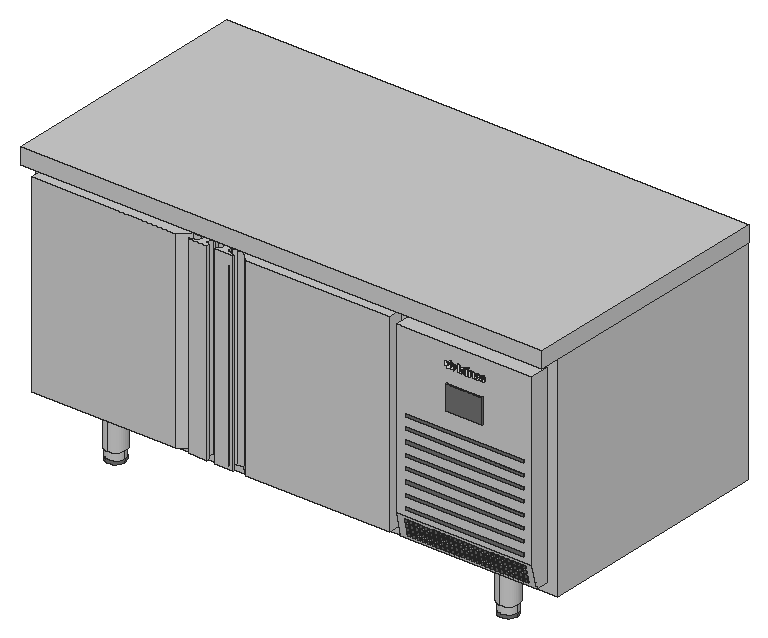
Revit family "QF_INFRICO_MR1620_250813115525", category Specialty Equipment, Revit 2021 (continued)
Definition of nested family "QF_INFRICO_LEGS_7242"
  Forms (mm)
    Extrusion 9, solid
      sketch origin (1560, 0, 140) x (0, 1, 0) y (-1, 0, 0)
        loop
          line (-568, -379.986) -> (-668, -379.986) -> (-668, -469.986) -> (-568, -469.986) -> (-568, -379.986)
      from 0 to -3
    Extrusion 10, solid
      sketch origin (1560, 0, 0) x (1, 0, 0) y (0, 1, 0)
        loop
          circle (424.986, -618) r 28
      from 9 to 35
    Extrusion 11, solid
      sketch origin (1560, 0, 0) x (1, 0, 0) y (0, 1, 0)
        loop
          circle (424.986, -618) r 28.5
      from 0 to 9
    Sweep 12, solid
      path origin (2185, 0, 0) x (0, -1, 0) y (0, 0, 1)
        loop
          line (618, 35) -> (618, 137)
      profile origin (2185, -618, 86) x (0, 1, 0) y (-1, 0, 0)
        loop
          circle (0, 199.986) r 32
    Extrusion 13, solid
      sketch origin (1560, 500, 140) x (0, 1, 0) y (-1, 0, 0)
        loop
          line (-530, -379.986) -> (-630, -379.986) -> (-630, -469.986) -> (-530, -469.986) -> (-530, -379.986)
      from 0 to -3
    Extrusion 14, solid
      sketch origin (1560, 500, 0) x (1, 0, 0) y (0, 1, 0)
        loop
          circle (424.986, -580) r 28
      from 9 to 35
    Extrusion 15, solid
      sketch origin (1560, 500, 0) x (1, 0, 0) y (0, 1, 0)
        loop
          circle (424.986, -580) r 28.5
      from 0 to 9
    Sweep 16, solid
      path origin (2185, 0, 0) x (0, -1, 0) y (0, 0, 1)
        loop
          line (80, 35) -> (80, 137)
      profile origin (2185, -80, 86) x (0, 1, 0) y (-1, 0, 0)
        loop
          circle (0, 199.986) r 32
    Extrusion 17, solid, visible <- "CentralLegs"
      sketch origin (534.014, 0, 140) x (0, 1, 0) y (-1, 0, 0)
        loop
          line (-568, -513.486) -> (-668, -513.486) -> (-668, -603.486) -> (-568, -603.486) -> (-568, -513.486)
      from 0 to -3
    Extrusion 18, solid, visible <- "CentralLegs"
      sketch origin (534.014, 0, 0) x (1, 0, 0) y (0, 1, 0)
        loop
          circle (558.486, -618) r 28
      from 9 to 35
    Extrusion 19, solid, visible <- "CentralLegs"
      sketch origin (534.014, 0, 0) x (1, 0, 0) y (0, 1, 0)
        loop
          circle (558.486, -618) r 28.5
      from 0 to 9
    Sweep 20, solid, visible <- "CentralLegs"
      path origin (1092.5, 0, 0) x (0, -1, 0) y (0, 0, 1)
        loop
          line (618, 35) -> (618, 137)
      profile origin (1092.5, -618, 86) x (0, 1, 0) y (-1, 0, 0)
        loop
          circle (0, -0.014) r 32
    Extrusion 21, solid, visible <- "CentralLegs"
      sketch origin (534.014, 500, 140) x (0, 1, 0) y (-1, 0, 0)
        loop
          line (-530, -513.486) -> (-630, -513.486) -> (-630, -603.486) -> (-530, -603.486) -> (-530, -513.486)
      from 0 to -3
    Extrusion 22, solid, visible <- "CentralLegs"
      sketch origin (534.014, 500, 0) x (1, 0, 0) y (0, 1, 0)
        loop
          circle (558.486, -580) r 28
      from 9 to 35
    Extrusion 23, solid, visible <- "CentralLegs"
      sketch origin (534.014, 500, 0) x (1, 0, 0) y (0, 1, 0)
        loop
          circle (558.486, -580) r 28.5
      from 0 to 9
    Sweep 24, solid, visible <- "CentralLegs"
      path origin (1092.5, 0, 0) x (0, -1, 0) y (0, 0, 1)
        loop
          line (80, 35) -> (80, 137)
      profile origin (1092.5, -80, 86) x (0, 1, 0) y (-1, 0, 0)
        loop
          circle (0, -0.014) r 32
  Dimensions and locks
    "Length": plane 3 "Left" to plane 4 "Right"
    "Depth": plane 1 "Back" to plane 5 "Front"
    "Height": plane 6 "Top" to plane 2
    equal spacing: plane 3 "Left", plane 7 "Central", plane 4 "Right"
    locked: Sweep 20 sketch curve to profile plane at 0.014
    locked: Sweep 24 sketch curve to profile plane at 0.014
    aligned and locked: level to plane 2
  Automatic sketch dimensions
    plane 5 "Front" to Extrusion 1 sketch curve = 70 mm
    Extrusion 1 sketch curve to Extrusion 1 sketch curve = 100 mm
    plane 3 "Left" to Extrusion 1 sketch curve = 244.986 mm
    Extrusion 1 sketch curve to Extrusion 1 sketch curve = 90 mm
    plane 3 "Left" to Extrusion 2 sketch curve = 199.986 mm
    plane 5 "Front" to Extrusion 2 sketch curve = 120 mm
    plane 3 "Left" to Extrusion 3 sketch curve = 199.986 mm
    plane 5 "Front" to Extrusion 3 sketch curve = 120 mm
    Sweep 4 sketch curve to plane 6 "Top" = 3 mm
    plane 5 "Front" to Sweep 4 sketch curve = 120 mm
    level to Sweep 4 sketch curve = 35 mm
    Sweep 4 sketch curve to profile plane = 0 mm
    plane 3 "Left" to Sweep 4 sketch curve = 199.986 mm
    plane 1 "Back" to Extrusion 5 sketch curve = 130 mm
    plane 1 "Back" to Extrusion 5 sketch curve = 30 mm
    plane 3 "Left" to Extrusion 5 sketch curve = 244.986 mm
    Extrusion 5 sketch curve to Extrusion 5 sketch curve = 90 mm
    plane 1 "Back" to Extrusion 6 sketch curve = 80 mm
    plane 3 "Left" to Extrusion 6 sketch curve = 199.986 mm
    plane 1 "Back" to Extrusion 7 sketch curve = 80 mm
    plane 3 "Left" to Extrusion 7 sketch curve = 199.986 mm
    Sweep 8 sketch curve to plane 6 "Top" = 3 mm
    plane 1 "Back" to Sweep 8 sketch curve = 80 mm
    level to Sweep 8 sketch curve = 35 mm
    Sweep 8 sketch curve to profile plane = 0 mm
    plane 3 "Left" to Sweep 8 sketch curve = 199.986 mm
    plane 5 "Front" to Extrusion 9 sketch curve = 70 mm
    Extrusion 9 sketch curve to Extrusion 9 sketch curve = 100 mm
    plane 4 "Right" to Extrusion 9 sketch curve = 155.014 mm
    Extrusion 9 sketch curve to Extrusion 9 sketch curve = 90 mm
    plane 4 "Right" to Extrusion 10 sketch curve = 200.014 mm
    plane 5 "Front" to Extrusion 10 sketch curve = 120 mm
    plane 4 "Right" to Extrusion 11 sketch curve = 200.014 mm
    plane 5 "Front" to Extrusion 11 sketch curve = 120 mm
    Sweep 12 sketch curve to profile plane = 0 mm
    profile plane to Sweep 12 sketch curve = 199.986 mm
    plane 1 "Back" to Extrusion 13 sketch curve = 130 mm
    plane 1 "Back" to Extrusion 13 sketch curve = 30 mm
    plane 4 "Right" to Extrusion 13 sketch curve = 155.014 mm
    Extrusion 13 sketch curve to Extrusion 13 sketch curve = 90 mm
    plane 1 "Back" to Extrusion 14 sketch curve = 80 mm
    plane 4 "Right" to Extrusion 14 sketch curve = 200.014 mm
    plane 1 "Back" to Extrusion 15 sketch curve = 80 mm
    plane 4 "Right" to Extrusion 15 sketch curve = 200.014 mm
    Sweep 16 sketch curve to profile plane = 0 mm
    profile plane to Sweep 16 sketch curve = 199.986 mm
    plane 5 "Front" to Extrusion 17 sketch curve = 70 mm
    Extrusion 17 sketch curve to plane 7 "Central" = 45 mm
    Extrusion 17 sketch curve to Extrusion 17 sketch curve = 100 mm
    plane 7 "Central" to Extrusion 17 sketch curve = 45 mm
    Extrusion 18 sketch curve to plane 7 "Central" = 0 mm
    plane 5 "Front" to Extrusion 18 sketch curve = 120 mm
    Extrusion 19 sketch curve to plane 7 "Central" = 0 mm
    plane 5 "Front" to Extrusion 19 sketch curve = 120 mm
    Sweep 20 sketch curve to profile plane = 0 mm
    plane 7 "Central" to Extrusion 21 sketch curve = 45 mm
    plane 1 "Back" to Extrusion 21 sketch curve = 130 mm
    plane 1 "Back" to Extrusion 21 sketch curve = 30 mm
    Extrusion 21 sketch curve to plane 7 "Central" = 45 mm
    Extrusion 22 sketch curve to plane 7 "Central" = 0 mm
    plane 1 "Back" to Extrusion 22 sketch curve = 80 mm
    Extrusion 23 sketch curve to plane 7 "Central" = 0 mm
    plane 1 "Back" to Extrusion 23 sketch curve = 80 mm
    Sweep 24 sketch curve to profile plane = 0 mm
    Sweep 16 sketch curve to plane 6 "Top" = 3 mm
    plane 1 "Back" to Sweep 16 sketch curve = 80 mm
    level to Sweep 16 sketch curve = 35 mm
    Sweep 12 sketch curve to plane 6 "Top" = 3 mm
    plane 5 "Front" to Sweep 12 sketch curve = 120 mm
    level to Sweep 12 sketch curve = 35 mm
    Sweep 20 sketch curve to plane 6 "Top" = 3 mm
    plane 5 "Front" to Sweep 20 sketch curve = 120 mm
    level to Sweep 20 sketch curve = 35 mm
    Sweep 24 sketch curve to plane 6 "Top" = 3 mm
    plane 1 "Back" to Sweep 24 sketch curve = 80 mm
    level to Sweep 24 sketch curve = 35 mm
    radius of Extrusion 2 sketch curve = 28 mm
    radius of Extrusion 3 sketch curve = 28.5 mm
    radius of Sweep 4 sketch curve = 32 mm
    radius of Extrusion 6 sketch curve = 28 mm
    radius of Extrusion 7 sketch curve = 28.5 mm
    radius of Sweep 8 sketch curve = 32 mm
    radius of Extrusion 10 sketch curve = 28 mm
    radius of Extrusion 11 sketch curve = 28.5 mm
    radius of Sweep 12 sketch curve = 32 mm
    radius of Extrusion 14 sketch curve = 28 mm
    radius of Extrusion 15 sketch curve = 28.5 mm
    radius of Sweep 16 sketch curve = 32 mm
    radius of Extrusion 18 sketch curve = 28 mm
    radius of Extrusion 19 sketch curve = 28.5 mm
    radius of Sweep 20 sketch curve = 32 mm
    radius of Extrusion 22 sketch curve = 28 mm
    radius of Extrusion 23 sketch curve = 28.5 mm
    radius of Sweep 24 sketch curve = 32 mm
Definition of nested family "CONN_POINT_DRAIN_2D___Generic_Annotation"
  Parameters (values of type "CONN_POINT_DRAIN_2D___Generic_Annotation")
    Onboard connection annotation symbol visibility [instance] = yes
  Reference planes
    plane 1: y = 0
    plane 2: x = 0
  Lines and regions (mm)
    detail lines, visible <- "Onboard connection annotation symbol visibility"
      curve 1: circle (0, 0, 0) r 0.5 normal (0, 0, 1)
      curve 2: line (-1, 0, 0) -> (1, 0, 0)
      curve 3: line (0, 1, 0) -> (0, -1, 0)
      curve 4: line (1.776, 1, 0) -> (1.25, 1, 0)
      curve 5: line (1.25, 1, 0) -> (1.25, -1, 0)
      curve 6: line (1.25, -1, 0) -> (1.776, -1, 0)
      curve 7: arc (2.206, -0.862, 0) -> (2.459, -0.589, 0) -> (2.583, -0.238, 0) r 0.918
      curve 8: arc (2.583, 0.238, 0) -> (2.459, 0.589, 0) -> (2.206, 0.862, 0) r 0.918
      curve 9: arc (2.583, -0.238, 0) -> (2.599, 0, 0) -> (2.583, 0.238, 0) r 1.77
      curve 10: arc (2.206, 0.862, 0) -> (2.002, 0.965, 0) -> (1.776, 1, 0) r 0.741
      curve 11: arc (1.776, -1, 0) -> (2.002, -0.965, 0) -> (2.206, -0.862, 0) r 0.741
Definition of nested family "CONN_POINT_ELE_2D___Generic_Annotation"
  Parameters (values of type "CONN_POINT_ELE_2D___Generic_Annotation")
    Onboard connection annotation symbol visibility [instance] = yes
  Reference planes
    plane 1: y = 0
    plane 2: x = 0
  Lines and regions (mm)
    detail lines, visible <- "Onboard connection annotation symbol visibility"
      curve 1: circle (0, 0, 0) r 0.5 normal (0, 0, 1)
      curve 2: line (-1, 0, 0) -> (1, 0, 0)
      curve 3: line (0, 1, 0) -> (0, -1, 0)
      curve 4: line (2.5, 1, 0) -> (1.25, 1, 0)
      curve 5: line (1.25, 1, 0) -> (1.25, -1, 0)
      curve 6: line (1.25, -1, 0) -> (2.5, -1, 0)
      curve 7: line (1.25, 0, 0) -> (2, 0, 0)
